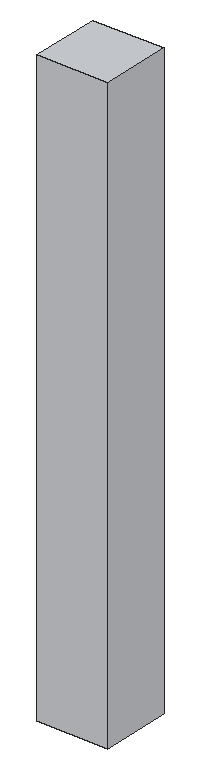
Revit family "M_Coluna retangular", category Colunas, Revit 2019
Family settings
  Número OmniClass = 23.25.30.11.14.11
  Título OmniClass = Columns
  ID de item do Seek = Rectangular Column-0000-CAN-ENU
  Corte com vazios quando carregada = Não
  Unir automaticamente geometria às paredes = Sim
  Compartilhado = Não
  Exibir o pré-corte da família na vista da planta = Sim
Parameters (values of type "457 x 475mm")
  Linear = 475 mm
  Material = none
  Base deslocada = 0 mm
  Topo deslocado = 0 mm
  Largura = 475 mm
Types (3, lengths in mm): name | Linear | Largura
  475 x 610mm | 475 | 610
  610 x 610mm | 610 | 610
  457 x 475mm | 475 | 475
Reference planes
  plane 1: y = 0
  plane 2: z = 0
  plane 3: x = 0
  plane 4: z = 4000
  plane 5: z = 0
  plane 6: x = -237.5
  plane 7: x = 237.5
  plane 8: y = -237.5
  plane 9: y = 237.5
Forms (mm)
  Extrusion 1, solid, material <- "Material"
    sketch origin (0, 0, 0) x (1, 0, 0) y (0, 1, 0)
      loop
        line (-237.5, 237.5) -> (-237.5, -237.5) -> (237.5, -237.5) -> (237.5, 237.5) -> (-237.5, 237.5)
    from 0 to 4000
Dimensions and locks
  "Base deslocada": plane 5 to level
  "Topo deslocado": level to plane 4
  equal spacing: plane 6, plane 3, plane 7
  "Largura": plane 6 to plane 7
  equal spacing: plane 8, plane 1, plane 9
  "Linear": plane 8 to plane 9
  aligned and locked: plane 4 to Extrusion 1
  aligned and locked: Extrusion 1 to plane 5
Automatic sketch dimensions
  Extrusion 1 sketch curve to plane 6 = 0 mm
  Extrusion 1 sketch curve to plane 7 = 0 mm
  Extrusion 1 sketch curve to plane 8 = 0 mm
  Extrusion 1 sketch curve to plane 9 = 0 mm
